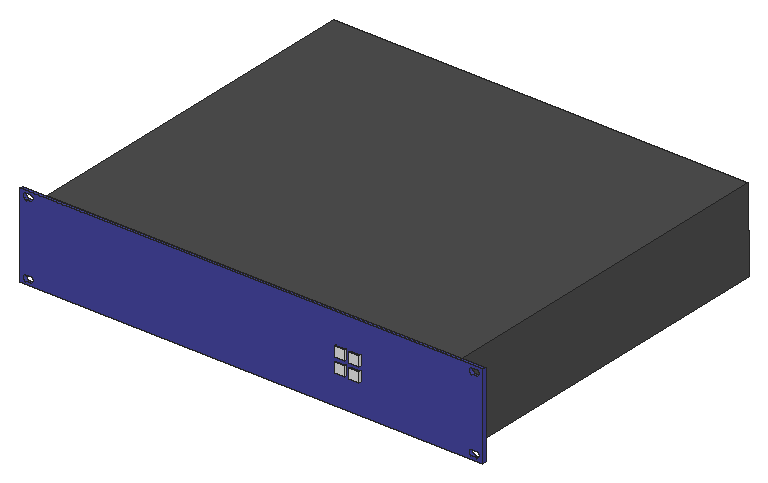
Revit family "DL152", category Communication Devices, Revit 2020
Family settings
  Maintain Annotation Orientation = No
  Round Connector Dimension = Use Diameter
  Part Type = Normal
  Work Plane-Based = Yes
  Always vertical = No
  Cut with Voids When Loaded = Yes
  Shared = No
  Room Calculation Point = No
Parameters
  Model = "DL152"
  Manufacturer = "Midas"
  Default Elevation = 0 mm
Reference planes
  plane 1 "Center (Front/Back)": y = 0
  plane 2: z = 0
  plane 3 "Center (Left/Right)": x = 0
  plane 4 "Front Panel": y = -3
  plane 5 "Rear panel": y = 374
Forms (mm)
  Extrusion 1, solid, material "Steel, Paint Finish, Blue"
    sketch origin (0, 0, 0) x (1, 0, 0) y (0, 0, 1)
      loop
        line (-241.5, 0) -> (241.498, 0) -> (241.498, 88.096) -> (-241.5, 88.096) -> (-241.5, 0)
    from 0 to 3
  Extrusion 2, void
    sketch origin (0, 0, -101.379) x (1, 0, 0) y (0, 0, 1)
      loop
        arc (-234.343, 187.274) -> (-237.842, 183.775) -> (-234.343, 180.276) r 3.499
        line (-234.343, 180.276) -> (-231.035, 180.276)
        arc (-231.035, 180.276) -> (-227.536, 183.775) -> (-231.035, 187.274) r 3.499
        line (-231.035, 187.274) -> (-234.343, 187.274)
    from 0 to 3
  Extrusion 3, void
    sketch origin (0, 0, -177.825) x (1, 0, 0) y (0, 0, 1)
      loop
        arc (-234.343, 187.274) -> (-237.842, 183.775) -> (-234.343, 180.276) r 3.499
        line (-234.343, 180.276) -> (-231.035, 180.276)
        arc (-231.035, 180.276) -> (-227.536, 183.775) -> (-231.035, 187.274) r 3.499
        line (-231.035, 187.274) -> (-234.343, 187.274)
    from 0 to 3
  Extrusion 4, void
    sketch origin (465.381, 0, -177.825) x (1, 0, 0) y (0, 0, 1)
      loop
        arc (-234.343, 187.274) -> (-237.842, 183.775) -> (-234.343, 180.276) r 3.499
        line (-234.343, 180.276) -> (-231.035, 180.276)
        arc (-231.035, 180.276) -> (-227.536, 183.775) -> (-231.035, 187.274) r 3.499
        line (-231.035, 187.274) -> (-234.343, 187.274)
    from 0 to 3
  Extrusion 5, void
    sketch origin (465.381, 0, -101.379) x (1, 0, 0) y (0, 0, 1)
      loop
        arc (-234.343, 187.274) -> (-237.842, 183.775) -> (-234.343, 180.276) r 3.499
        line (-234.343, 180.276) -> (-231.035, 180.276)
        arc (-231.035, 180.276) -> (-227.536, 183.775) -> (-231.035, 187.274) r 3.499
        line (-231.035, 187.274) -> (-234.343, 187.274)
    from 0 to 3
  Extrusion 6, solid, material "Steel, Paint Finish, Black"
    sketch origin (1.5, 0, 0) x (1, 0, 0) y (0, 0, 1)
      loop
        line (-218, 0) -> (215, 0) -> (215, 88.096) -> (-218, 88.096) -> (-218, 0)
    from 0 to -374
  Extrusion 7, void
    sketch origin (90.828, 374, 40.457) x (1, 0, 0) y (0, 0, 1)
      loop
        circle (108.554, 21.312) r 11.2
    from 0 to 16
  Extrusion 8, void
    sketch origin (-307.334, 374, 0) x (1, 0, 0) y (0, 0, 1)
      loop
        circle (108.554, 21.312) r 11.2
    from 0 to 16
  Extrusion 9, void
    sketch origin (0, 374, 0) x (1, 0, 0) y (0, 0, 1)
      loop
        line (172.779, 25.824) -> (172.779, 6.137) -> (200.678, 6.137) -> (200.678, 25.824) -> (172.779, 25.824)
    from 0 to 16
  Extrusion 10, solid, material "ABS - White"
    sketch origin (-0.004, -3, -120.907) x (-1, 0, 0) y (0, 0, 1)
      loop
        line (-88.173, 177.549) -> (-98.381, 177.549) -> (-98.381, 167.334) -> (-88.173, 167.334) -> (-88.173, 177.549)
    from 0 to -2
  Extrusion 11, solid, material "ABS - White"
    sketch origin (-0.004, -3, -135.907) x (-1, 0, 0) y (0, 0, 1)
      loop
        line (-88.173, 177.549) -> (-98.381, 177.549) -> (-98.381, 167.334) -> (-88.173, 167.334) -> (-88.173, 177.549)
    from 0 to -2
  Extrusion 12, solid, material "ABS - White"
    sketch origin (14.996, -3, -135.907) x (-1, 0, 0) y (0, 0, 1)
      loop
        line (-88.173, 177.549) -> (-98.381, 177.549) -> (-98.381, 167.334) -> (-88.173, 167.334) -> (-88.173, 177.549)
    from 0 to -2
  Extrusion 13, solid, material "ABS - White"
    sketch origin (14.996, -3, -120.907) x (-1, 0, 0) y (0, 0, 1)
      loop
        line (-88.173, 177.549) -> (-98.381, 177.549) -> (-98.381, 167.334) -> (-88.173, 167.334) -> (-88.173, 177.549)
    from 0 to -2
  Extrusion 14, void
    sketch origin (-152.269, 374, 0) x (1, 0, 0) y (0, 0, 1)
      loop
        circle (108.554, 21.312) r 11.2
    from 0 to 16
  Extrusion 15, void
    sketch origin (-177.987, 374, 0) x (1, 0, 0) y (0, 0, 1)
      loop
        circle (108.554, 21.312) r 11.2
    from 0 to 16
  Extrusion 16, void
    sketch origin (-281.616, 374, 0) x (1, 0, 0) y (0, 0, 1)
      loop
        circle (108.554, 21.312) r 11.2
    from 0 to 16
  Extrusion 17, void
    sketch origin (-255.898, 374, 0) x (1, 0, 0) y (0, 0, 1)
      loop
        circle (108.554, 21.312) r 11.2
    from 0 to 16
  Extrusion 18, void
    sketch origin (65.11, 374, 40.457) x (1, 0, 0) y (0, 0, 1)
      loop
        circle (108.554, 21.312) r 11.2
    from 0 to 16
  Extrusion 19, void
    sketch origin (39.392, 374, 40.457) x (1, 0, 0) y (0, 0, 1)
      loop
        circle (108.554, 21.312) r 11.2
    from 0 to 16
  Extrusion 20, void
    sketch origin (13.674, 374, 40.457) x (1, 0, 0) y (0, 0, 1)
      loop
        circle (108.554, 21.312) r 11.2
    from 0 to 16
  Extrusion 21, void
    sketch origin (-12.044, 374, 40.457) x (1, 0, 0) y (0, 0, 1)
      loop
        circle (108.554, 21.312) r 11.2
    from 0 to 16
  Extrusion 22, void
    sketch origin (-37.762, 374, 40.457) x (1, 0, 0) y (0, 0, 1)
      loop
        circle (108.554, 21.312) r 11.2
    from 0 to 16
  Extrusion 23, void
    sketch origin (-63.48, 374, 40.457) x (1, 0, 0) y (0, 0, 1)
      loop
        circle (108.554, 21.312) r 11.2
    from 0 to 16
  Extrusion 24, void
    sketch origin (-89.198, 374, 40.457) x (1, 0, 0) y (0, 0, 1)
      loop
        circle (108.554, 21.312) r 11.2
    from 0 to 16
  Extrusion 25, void
    sketch origin (-126.237, 374, 40.457) x (1, 0, 0) y (0, 0, 1)
      loop
        circle (108.554, 21.312) r 11.2
    from 0 to 16
  Extrusion 26, void
    sketch origin (-151.955, 374, 40.457) x (1, 0, 0) y (0, 0, 1)
      loop
        circle (108.554, 21.312) r 11.2
    from 0 to 16
  Extrusion 27, void
    sketch origin (-177.673, 374, 40.457) x (1, 0, 0) y (0, 0, 1)
      loop
        circle (108.554, 21.312) r 11.2
    from 0 to 16
  Extrusion 28, void
    sketch origin (-203.391, 374, 40.457) x (1, 0, 0) y (0, 0, 1)
      loop
        circle (108.554, 21.312) r 11.2
    from 0 to 16
  Extrusion 29, void
    sketch origin (-229.109, 374, 40.457) x (1, 0, 0) y (0, 0, 1)
      loop
        circle (108.554, 21.312) r 11.2
    from 0 to 16
  Extrusion 30, void
    sketch origin (-254.827, 374, 40.457) x (1, 0, 0) y (0, 0, 1)
      loop
        circle (108.554, 21.312) r 11.2
    from 0 to 16
  Extrusion 31, void
    sketch origin (-280.545, 374, 40.457) x (1, 0, 0) y (0, 0, 1)
      loop
        circle (108.554, 21.312) r 11.2
    from 0 to 16
  Extrusion 32, void
    sketch origin (-306.263, 374, 40.457) x (1, 0, 0) y (0, 0, 1)
      loop
        circle (108.554, 21.312) r 11.2
    from 0 to 16
  Extrusion 33, void
    sketch origin (-126.551, 374, 0) x (1, 0, 0) y (0, 0, 1)
      loop
        circle (108.554, 21.312) r 11.2
    from 0 to 16
  Extrusion 34, void
    sketch origin (-100.833, 374, 0) x (1, 0, 0) y (0, 0, 1)
      loop
        circle (108.554, 21.312) r 11.2
    from 0 to 16
  Extrusion 35, void
    sketch origin (-75.115, 374, 0) x (1, 0, 0) y (0, 0, 1)
      loop
        circle (108.554, 21.312) r 11.2
    from 0 to 16
  Extrusion 36, void
    sketch origin (-49.397, 374, 0) x (1, 0, 0) y (0, 0, 1)
      loop
        circle (108.554, 21.312) r 11.2
    from 0 to 16
  Extrusion 37, void
    sketch origin (-23.679, 374, 0) x (1, 0, 0) y (0, 0, 1)
      loop
        circle (108.554, 21.312) r 11.2
    from 0 to 16
  Extrusion 38, void
    sketch origin (2.04, 374, 0) x (1, 0, 0) y (0, 0, 1)
      loop
        circle (108.554, 21.312) r 11.2
    from 0 to 16
Cuts and joins
  Extrusion 2, Extrusion 3, Extrusion 4, Extrusion 5 cuts Extrusion 1
  Extrusion 7, Extrusion 8, Extrusion 9, Extrusion 14, Extrusion 15, Extrusion 16, Extrusion 17, Extrusion 18, Extrusion 19, Extrusion 20, Extrusion 21, Extrusion 22, Extrusion 23, Extrusion 24, Extrusion 25, Extrusion 26, Extrusion 27, Extrusion 28, Extrusion 29, Extrusion 30, Extrusion 31, Extrusion 32, Extrusion 33, Extrusion 34, Extrusion 35, Extrusion 36, Extrusion 37, Extrusion 38 cuts Extrusion 6
Lines and regions (mm)
  Split face 1
    outline origin (241.498, -3, 0) x (0, 0, 1) y (-1, 0, 0)
      loop
        line (78.623, 430.725) -> (52.703, 445.69) -> (35.402, 445.69) -> (9.482, 430.725) -> (9.482, 382.036) -> (35.402, 367.072) -> (52.703, 367.072) -> (78.623, 382.036) -> (78.623, 430.725)
  Split face 2
    outline origin (244.945, -3, -125.997) x (0, 0, 1) y (-1, 0, 0)
      loop
        circle (168.745, 351.089) r 1.498
  Split face 3
    outline origin (244.945, -3, -125.997) x (0, 0, 1) y (-1, 0, 0)
      loop
        circle (168.745, 342.079) r 1.498
  Split face 4
    outline origin (244.945, -3, -125.997) x (0, 0, 1) y (-1, 0, 0)
      loop
        circle (168.745, 333.072) r 1.498
  Split face 5
    outline origin (244.945, -3, -125.997) x (0, 0, 1) y (-1, 0, 0)
      loop
        circle (168.745, 324.066) r 1.498
  Split face 6
    outline origin (244.945, -3, -125.997) x (0, 0, 1) y (-1, 0, 0)
      loop
        circle (168.744, 315.059) r 1.5
  Split face 7
    outline origin (241.457, -3, -125.997) x (0, 0, 1) y (-1, 0, 0)
      loop
        circle (168.744, 290.051) r 1.473
  Split face 8
    outline origin (241.494, -3, -120.907) x (0, 0, 1) y (-1, 0, 0)
      loop
        arc (172.695, 233.001) -> (172.256, 234.062) -> (171.195, 234.501) r 1.5
        line (171.195, 234.501) -> (158.672, 234.501)
        arc (158.672, 234.501) -> (157.611, 234.062) -> (157.172, 233.001) r 1.5
        line (157.172, 233.001) -> (157.172, 170.439)
        arc (157.172, 170.439) -> (157.611, 169.378) -> (158.672, 168.939) r 1.5
        line (158.672, 168.939) -> (171.195, 168.939)
        arc (171.195, 168.939) -> (172.256, 169.378) -> (172.695, 170.439) r 1.5
        line (172.695, 170.439) -> (172.695, 233.001)
  Split face 9
    outline origin (112.346, -3, -125.998) x (0, 0, 1) y (-1, 0, 0)
      loop
        circle (168.745, 132.207) r 1.469
  Split face 10
    outline origin (112.346, -3, -125.998) x (0, 0, 1) y (-1, 0, 0)
      loop
        circle (168.745, 127.126) r 1.471
  Split face 11
    outline origin (284.395, 374, 163.736) x (0, 0, -1) y (-1, 0, 0)
      loop
        arc (142.584, 384.106) -> (143.237, 382.53) -> (144.813, 381.876) r 2.23
        line (144.813, 381.876) -> (152.321, 383.332)
        arc (152.321, 383.332) -> (153.777, 384.106) -> (154.55, 385.562) r 2.816
        line (154.55, 385.562) -> (154.55, 399.119)
        arc (154.55, 399.119) -> (153.777, 400.576) -> (152.321, 401.35) r 2.816
        line (152.321, 401.35) -> (144.813, 402.806)
        arc (144.813, 402.806) -> (143.237, 402.152) -> (142.584, 400.576) r 2.23
        line (142.584, 400.576) -> (142.584, 384.106)
  Split face 12
    outline origin (284.395, 374, 163.736) x (0, 0, -1) y (-1, 0, 0)
      loop
        arc (144.709, 385.973) -> (145.116, 384.85) -> (146.148, 384.248) r 1.754
        line (146.148, 384.248) -> (150.987, 385.375)
        arc (150.987, 385.375) -> (151.995, 385.997) -> (152.425, 387.101) r 1.863
        line (152.425, 387.101) -> (152.425, 397.581)
        arc (152.425, 397.581) -> (151.995, 398.685) -> (150.987, 399.307) r 1.863
        line (150.987, 399.307) -> (146.148, 400.434)
        arc (146.148, 400.434) -> (145.116, 399.832) -> (144.709, 398.709) r 1.754
        line (144.709, 398.709) -> (144.709, 385.973)
  Split face 13
    outline origin (293.515, 374, 184.832) x (0, 0, -1) y (-1, 0, 0)
      loop
        circle (170.603, 422.805) r 1.721
Dimensions and locks
  equal spacing: group 8, group 7, group 6, group 5, group 4, group 3, group 2, group 1
  equal spacing: group 1, group 2, group 3, group 4, group 5, group 6, group 7, group 8  (x2)
  aligned and locked: level to plane 2
Nested families
  nested 1: "NE8FD Ethercon" at (-198.78, 374, 21.312) x (-1, 0, 0) z (0, 1, 0), type "NE8FD Ethercon"
  nested 2: "NE8FD Ethercon" at (-173.062, 374, 21.312) x (-1, 0, 0) z (0, 1, 0), type "NE8FD Ethercon"
  nested 3: "NE8FD Ethercon" at (-147.343, 374, 21.312) x (-1, 0, 0) z (0, 1, 0), type "NE8FD Ethercon"
  nested 4: "IEC with switch3" at (186.671, 374, 15.531) x (-1, 0, 0) z (0, 1, 0), type "IEC with switch3"
  nested 5: "XLR-M with LED" at (199.383, 374, 61.769) x (-1, 0, 0) z (0, 1, 0), type "XLR-M with LED"
  nested 6: "XLR-M with LED" at (110.594, 374, 21.312) x (-1, 0, 0) z (0, 1, 0), type "XLR-M with LED"
  nested 7: "XLR-M with LED" at (-17.682, 374, 61.769) x (-1, 0, 0) z (0, 1, 0), type "XLR-M with LED"
  nested 8: "XLR-M with LED" at (173.665, 374, 61.769) x (-1, 0, 0) z (0, 1, 0), type "XLR-M with LED"
  nested 9: "XLR-M with LED" at (84.876, 374, 21.312) x (-1, 0, 0) z (0, 1, 0), type "XLR-M with LED"
  nested 10: "XLR-M with LED" at (-43.4, 374, 61.769) x (-1, 0, 0) z (0, 1, 0), type "XLR-M with LED"
  nested 11: "XLR-M with LED" at (147.946, 374, 61.769) x (-1, 0, 0) z (0, 1, 0), type "XLR-M with LED"
  nested 12: "XLR-M with LED" at (59.158, 374, 21.312) x (-1, 0, 0) z (0, 1, 0), type "XLR-M with LED"
  nested 13: "XLR-M with LED" at (-69.118, 374, 61.769) x (-1, 0, 0) z (0, 1, 0), type "XLR-M with LED"
  nested 14: "XLR-M with LED" at (122.228, 374, 61.769) x (-1, 0, 0) z (0, 1, 0), type "XLR-M with LED"
  nested 15: "XLR-M with LED" at (33.44, 374, 21.312) x (-1, 0, 0) z (0, 1, 0), type "XLR-M with LED"
  nested 16: "XLR-M with LED" at (-94.837, 374, 61.769) x (-1, 0, 0) z (0, 1, 0), type "XLR-M with LED"
  nested 17: "XLR-M with LED" at (96.51, 374, 61.769) x (-1, 0, 0) z (0, 1, 0), type "XLR-M with LED"
  nested 18: "XLR-M with LED" at (7.721, 374, 21.312) x (-1, 0, 0) z (0, 1, 0), type "XLR-M with LED"
  nested 19: "XLR-M with LED" at (-120.555, 374, 61.769) x (-1, 0, 0) z (0, 1, 0), type "XLR-M with LED"
  nested 20: "XLR-M with LED" at (70.792, 374, 61.769) x (-1, 0, 0) z (0, 1, 0), type "XLR-M with LED"
  nested 21: "XLR-M with LED" at (-17.997, 374, 21.312) x (-1, 0, 0) z (0, 1, 0), type "XLR-M with LED"
  nested 22: "XLR-M with LED" at (-146.273, 374, 61.769) x (-1, 0, 0) z (0, 1, 0), type "XLR-M with LED"
  nested 23: "XLR-M with LED" at (45.074, 374, 61.769) x (-1, 0, 0) z (0, 1, 0), type "XLR-M with LED"
  nested 24: "XLR-M with LED" at (-43.715, 374, 21.312) x (-1, 0, 0) z (0, 1, 0), type "XLR-M with LED"
  nested 25: "XLR-M with LED" at (-171.991, 374, 61.769) x (-1, 0, 0) z (0, 1, 0), type "XLR-M with LED"
  nested 26: "XLR-M with LED" at (19.356, 374, 61.769) x (-1, 0, 0) z (0, 1, 0), type "XLR-M with LED"
  nested 27: "XLR-M with LED" at (-69.433, 374, 21.312) x (-1, 0, 0) z (0, 1, 0), type "XLR-M with LED"
  nested 28: "XLR-M with LED" at (-197.709, 374, 61.769) x (-1, 0, 0) z (0, 1, 0), type "XLR-M with LED"
Definition of nested family "NE8FD Ethercon"
  Parameters
    Default Elevation = 1219.2 mm
  Reference planes
    plane 1 "Center (Front/Back)": y = 0
    plane 2: z = 0
    plane 3 "Center (Left/Right)": x = 0
  Forms (mm)
    Extrusion 1, solid
      sketch origin (-12.612, 0, 0) x (1, 0, 0) y (0, 1, 0)
        loop
          circle (12.613, 0.021) r 11.058
      from -16 to 1.5
    Extrusion 2, void
      sketch origin (-12.612, 0, 0) x (1, 0, 0) y (0, 1, 0)
        loop
          circle (12.612, 0.021) r 9.9
      from -12 to 1.5
    Extrusion 3, solid
      sketch origin (-12.612, 0, 0) x (1, 0, 0) y (0, 1, 0)
        loop
          line (9.613, 9.921) -> (15.612, 9.921)
          arc (15.612, 9.921) -> (17.027, 10.507) -> (17.612, 11.921) r 2
          line (17.612, 11.921) -> (17.612, 13.337)
          arc (17.612, 13.337) -> (17.271, 14.455) -> (16.362, 15.191) r 2
          arc (16.362, 15.191) -> (12.612, 15.921) -> (8.862, 15.191) r 10
          arc (8.862, 15.191) -> (7.954, 14.455) -> (7.612, 13.337) r 2
          line (7.612, 13.337) -> (7.612, 11.921)
          arc (7.612, 11.921) -> (8.198, 10.507) -> (9.613, 9.921) r 2
      from 3.3 to 4.2
    Extrusion 4, solid
      sketch origin (-12.612, 0, 0) x (1, 0, 0) y (0, 1, 0)
        loop
          line (11.106, 9.921) -> (14.119, 9.921) -> (14.119, 10.975)
          arc (14.119, 10.975) -> (12.613, 11.079) -> (11.106, 10.975) r 11.058
          line (11.106, 10.975) -> (11.106, 9.921)
      from 3.3 to 1.5
    Extrusion 5, void
      sketch origin (-12.612, 0, 0) x (1, 0, 0) y (0, 1, 0)
        loop
          line (6.713, 3.65) -> (6.713, -3.15) -> (9.313, -3.15) -> (9.313, -5.15) -> (10.763, -5.15) -> (10.763, -6.45) -> (14.463, -6.45) -> (14.463, -5.15) -> (15.913, -5.15) -> (15.913, -3.15) -> (18.513, -3.15) -> (18.513, 3.65) -> (6.713, 3.65)
      from -10 to 1.5
    Extrusion 6, solid
      sketch origin (-12.612, 0, 0) x (1, 0, 0) y (0, 1, 0)
        loop
          circle (12.612, 0) r 8
      from -12 to 1.5
    Extrusion 7, void
      sketch origin (-12.612, 0, 0) x (1, 0, 0) y (0, 1, 0)
        loop
          circle (12.613, 0) r 11.1
      from 0 to -16
  Cuts and joins
    Extrusion 2, Extrusion 5 cuts Extrusion 1
    Extrusion 2 cuts Extrusion 4
    Extrusion 5 cuts Extrusion 6
  Dimensions and locks
    aligned and locked: level to plane 2
Definition of nested family "IEC with switch3"
  Parameters (values of type "IEC with switch3")
    Default Elevation = 1219.2 mm
  Reference planes
    plane 1 "Center (Front/Back)": y = 0
    plane 2: z = 0
    plane 3 "Center (Left/Right)": x = 0
  Forms (mm)
    Extrusion 1, void
      sketch origin (0, 0, 0) x (1, 0, 0) y (0, 1, 0)
        loop
          arc (12, 5.5) -> (11.268, 7.268) -> (9.5, 8) r 2.5
          line (9.5, 8) -> (-9.5, 8)
          arc (-9.5, 8) -> (-11.268, 7.268) -> (-12, 5.5) r 2.5
          line (-12, 5.5) -> (-12, -3) -> (-7, -8) -> (7, -8) -> (12, -3) -> (12, 5.5)
      from 2 to -15
    Extrusion 2, solid
      sketch origin (0, 0, 0) x (1, 0, 0) y (0, 1, 0)
        loop
          arc (-11.144, 24.05) -> (-14.279, 23.165) -> (-16.49, 20.774) r 6
          line (-16.49, 20.774) -> (-22.363, 9.247)
          arc (-22.363, 9.247) -> (-23.017, 6.523) -> (-22.363, 3.799) r 6
          line (-22.363, 3.799) -> (-16.245, -8.208)
          arc (-16.245, -8.208) -> (-14.034, -10.6) -> (-10.899, -11.484) r 6
          line (-10.899, -11.484) -> (10.899, -11.484)
          arc (10.899, -11.484) -> (14.034, -10.6) -> (16.245, -8.208) r 6
          line (16.245, -8.208) -> (22.363, 3.799)
          arc (22.363, 3.799) -> (23.017, 6.523) -> (22.363, 9.247) r 6
          line (22.363, 9.247) -> (16.49, 20.774)
          arc (16.49, 20.774) -> (14.279, 23.165) -> (11.144, 24.05) r 6
          line (11.144, 24.05) -> (-11.144, 24.05)
      from 2 to 0
    Extrusion 3, solid
      sketch origin (0, 0, 0) x (1, 0, 0) y (0, 1, 0)
        loop
          line (-8, 3.6) -> (-8, -0.4) -> (-6, -0.4) -> (-6, 3.6) -> (-8, 3.6)
      from 1 to -15
    Extrusion 4, solid
      sketch origin (7, -4, 0) x (1, 0, 0) y (0, 1, 0)
        loop
          line (-8, 3.6) -> (-8, -0.4) -> (-6, -0.4) -> (-6, 3.6) -> (-8, 3.6)
      from 1 to -15
    Extrusion 5, solid
      sketch origin (14, 0, 0) x (1, 0, 0) y (0, 1, 0)
        loop
          line (-8, 3.6) -> (-8, -0.4) -> (-6, -0.4) -> (-6, 3.6) -> (-8, 3.6)
      from 1 to -15
    Extrusion 6, void
      sketch origin (0, 0, 0) x (1, 0, 0) y (0, 1, 0)
        loop
          arc (-11.5, 22.9) -> (-13.268, 22.168) -> (-14, 20.4) r 2.5
          line (-14, 20.4) -> (-14, -7.297)
          arc (-14, -7.297) -> (-13.268, -9.065) -> (-11.5, -9.797) r 2.5
          line (-11.5, -9.797) -> (11.5, -9.797)
          arc (11.5, -9.797) -> (13.268, -9.065) -> (14, -7.297) r 2.5
          line (14, -7.297) -> (14, 20.4)
          arc (14, 20.4) -> (13.268, 22.168) -> (11.5, 22.9) r 2.5
          line (11.5, 22.9) -> (-11.5, 22.9)
      from 0 to -20
    Extrusion 7, solid
      sketch origin (0, 0, 0) x (1, 0, 0) y (0, 1, 0)
        loop
          arc (-11.5, 22.9) -> (-13.268, 22.168) -> (-14, 20.4) r 2.5
          line (-14, 20.4) -> (-14, -7.297)
          arc (-14, -7.297) -> (-13.268, -9.065) -> (-11.5, -9.797) r 2.5
          line (-11.5, -9.797) -> (11.5, -9.797)
          arc (11.5, -9.797) -> (13.268, -9.065) -> (14, -7.297) r 2.5
          line (14, -7.297) -> (14, 20.4)
          arc (14, 20.4) -> (13.268, 22.168) -> (11.5, 22.9) r 2.5
          line (11.5, 22.9) -> (-11.5, 22.9)
      from 0 to -20
  Cuts and joins
    Extrusion 1, Extrusion 6 cuts Extrusion 2
    Extrusion 1 cuts Extrusion 7
  Lines and regions (mm)
    Split face 1
      outline origin (-11.409, 28.204, 2) x (-1, 0, 0) y (0, -1, 0)
        loop
          line (-20.558, 16.3) -> (-20.558, 8.728) -> (-2.314, 8.728) -> (-2.314, 16.3) -> (-20.558, 16.3)
    model lines
      curve 1: line (-11.318, 21.168, 2) -> (11.536, 21.168, 2)
      curve 2: arc (11.536, 21.168, 2) -> (12.243, 20.875, 2) -> (12.536, 20.168, 2) r 1
      curve 3: line (12.536, 20.168, 2) -> (12.536, 11.4, 2)
      curve 4: arc (12.536, 11.4, 2) -> (12.243, 10.693, 2) -> (11.536, 10.4, 2) r 1
      curve 5: line (11.536, 10.4, 2) -> (-11.318, 10.4, 2)
      curve 6: arc (-11.318, 10.4, 2) -> (-12.025, 10.693, 2) -> (-12.318, 11.4, 2) r 1
      curve 7: line (-12.318, 11.4, 2) -> (-12.318, 20.168, 2)
      curve 8: arc (-12.318, 20.168, 2) -> (-12.025, 20.875, 2) -> (-11.318, 21.168, 2) r 1
      curve 9: line (-3.781, 19.476, 2) -> (-3.781, 11.904, 2)
  Dimensions and locks
    aligned and locked: level to plane 2
Definition of nested family "XLR-M with LED"
  Parameters
    Default Elevation = 1219.2 mm
  Reference planes
    plane 1 "Center (Front/Back)": y = 0
    plane 2: z = 0
    plane 3 "Center (Left/Right)": x = 0
  Forms (mm)
    Extrusion 1, solid
      sketch origin (-12.612, 0, 0) x (1, 0, 0) y (0, 1, 0)
        loop
          circle (12.613, 0.021) r 11.058
      from -16 to 1.5
    Extrusion 2, void
      sketch origin (-12.612, 0, 0) x (1, 0, 0) y (0, 1, 0)
        loop
          circle (12.612, 0.021) r 9.9
      from -10 to 1.5
    Extrusion 3, solid
      sketch origin (0, 0, 0) x (1, 0, 0) y (0, 1, 0)
        loop
          circle (-4.05, 0.021) r 1.1
      from -10 to 1
    Extrusion 4, solid
      sketch origin (8.1, 0, 0) x (1, 0, 0) y (0, 1, 0)
        loop
          circle (-4.05, 0.021) r 1.1
      from -10 to 1
    Extrusion 5, solid
      sketch origin (4.05, -3.96, 0) x (1, 0, 0) y (0, 1, 0)
        loop
          circle (-4.05, 0.021) r 1.1
      from -10 to 1
    Extrusion 6, void
      sketch origin (-32.913, 0, 0) x (1, 0, 0) y (0, 1, 0)
        loop
          circle (32.913, 0) r 11.2
      from 0 to -16
    Extrusion 7, solid
      sketch origin (0, 0, 0) x (1, 0, 0) y (0, 1, 0)
        loop
          circle (-11.112, -10.139) r 1.5
      from 0 to 1
  Cuts and joins
    Extrusion 2 cuts Extrusion 1
  Lines and regions (mm)
    Split face 1
      outline origin (9.9, 0.021, -10) x (-1, 0, 0) y (0, -1, 0)
        loop
          circle (9.9, 0.021) r 8
  Dimensions and locks
    aligned and locked: level to plane 2
